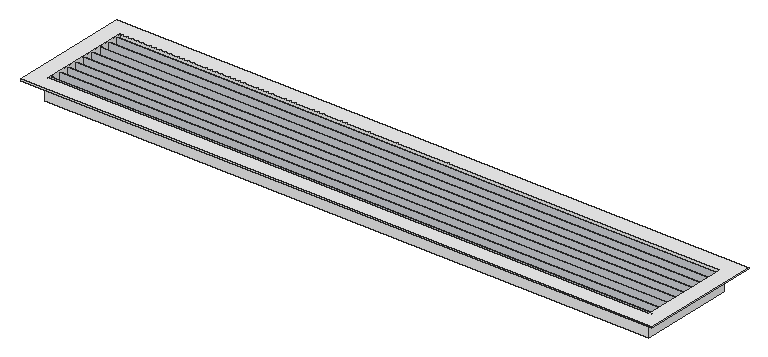
Revit family "DC_Holyoake_MEQ_LD-1200_13", category Air Terminals, host Face, Revit 2014
Parameters (values of type "LD-1200")
  Width LD [instance] = 150.0 mm
  URL = "http://www.holyoake.com"
  Type Comments = "Fineline Diffuser Series LD linear bar grilles"  # constant formula
  Static Pressure Min = 3.00 Pa
  Static Pressure Max = 57.00 Pa
  Noise Level NC Min = "< 10 NC"
  Noise Level NC Max = "38 NC"
  Model = "LD-1200"  # constant formula
  Min Flow = 30 L/s
  Max Flow = 1200 L/s
  Material Face = Holyoake-Aluminium
  Material Body = Holyoake-Aluminium
  Manufacturer = "Holyoake"  # constant formula
  Length LD [instance] = 1000.0 mm
  Holyoake Product Range = "Holyoake Fineline Diffusers"  # constant formula
  Description = "Linear Bar Diffuser shall be Holyoake Model LD-1200. Linear Bar Diffuser shall be 0 degrees deflection, constructed of extruded aluminium construction to the sizes as documented and supplied. Diffusers shall be finished in powdercoat and fitted with accessories and dampers where indicated as manufactured by Holyoake. "  # constant formula
  Default Elevation = 0.0 mm
  Array Number [instance] = ((Width LD - 25.0 mm) / 12.5 mm) - 0.9  # 9
Reference planes
  plane 1 "Center (Front/Back)": y = 0
  plane 2: z = 0
  plane 3 "Center (Left/Right)": x = 0
  plane 4: x = -500
  plane 5: x = 500
  plane 6: y = 75
  plane 7: y = -75
Forms (mm)
  Sweep 1, solid, material "Holyoake-Aluminium" <- "Material Body"
    path origin (0, 0, 0) x (1, 0, 0) y (0, 1, 0)
      loop
        line (-500, 75) -> (-500, -75) -> (500, -75) -> (500, 75) -> (-500, 75)
    profile origin (0, 75, 0) x (0, 1, 0) y (0, 0, 1)
      loop
        line (2, 0) -> (25, 0) -> (25, 2) -> (0, 2) -> (0, -32) -> (2, -32) -> (2, 0)
  Extrusion 2, void
    sketch origin (0, 0, 0) x (1, 0, 0) y (0, 1, 0)
      loop
        line (-500, 75) -> (-500, -75) -> (500, -75) -> (500, 75) -> (-500, 75)
    from 0 to -1000
Cuts and joins
  Extrusion 2 cuts Sweep 1
Lines and regions (mm)
  reference lines
    curve 1: line (-590.798, 68.65, 0) -> (-485.798, 68.65, 0)
    curve 2: line (-590.798, -68.65, 0) -> (-490.798, -68.65, 0)
Dimensions and locks
  equal spacing: plane 6, plane 1 "Center (Front/Back)", plane 7
  "Width LD": plane 6 to plane 7
  "Length LD": plane 4 to plane 5
  equal spacing: plane 4, plane 3 "Center (Left/Right)", plane 5
  locked: plane 6 to curve 1 at 6.35
  locked: curve 2 to plane 7 at 6.35
  equal spacing: group 1, group 3, group 4, group 5, group 6, group 7, group 8, group 9, group 2  (x2)
  equal spacing: group 2, group 9, group 8, group 7, group 6, group 5, group 4, group 3, group 1
  aligned and locked: plane 2 to host face
  aligned and locked: level to host face
  aligned and locked: plane 4 to Sweep 1 sketch curve
  aligned and locked: Sweep 1 sketch curve to plane 6
  aligned and locked: plane 7 to Sweep 1 sketch curve
  aligned and locked: Sweep 1 sketch curve to plane 5
  aligned and locked: plane 4 to nested 1
  aligned and locked: plane 4 to Sweep 1
  aligned and locked: nested 1 to curve 1
  aligned and locked: Sweep 1 to level
  aligned and locked: curve 2 to nested 2
  aligned and locked: plane 4 to nested 2
  aligned and locked: Extrusion 2 sketch curve to Sweep 1  (x3)
  aligned and locked: Sweep 1 to Extrusion 2 sketch curve
Automatic sketch dimensions
  Sweep 1 sketch curve to level = 0.0 mm
  Sweep 1 sketch curve to profile plane = 0.0 mm
  Sweep 1 sketch curve to Sweep 1 sketch curve = 2.0 mm
  Sweep 1 sketch curve to Sweep 1 sketch curve = 23.0 mm
  Sweep 1 sketch curve to Sweep 1 sketch curve = 32.0 mm
  level to Sweep 1 sketch curve = 2.0 mm
  host sketch curve to host sketch curve = 1394.524 mm
  host sketch curve to host sketch curve = 530.678 mm
  curve 2 to plane 4 = 90.798 mm
  curve 1 to curve 2 = 0.0 mm
  plane 4 to curve 2 = 9.202 mm
  plane 4 to curve 1 = 14.202 mm
Nested families
  nested 1: "LD Blade" at (-500, 67.15, 0), Blade Length <- "Length LD", type "LD Blade"
    with Blade Length 1000.0 mm
  nested 2: "LD Blade" at (-500, -68.65, 0), Blade Length <- "Length LD", type "LD Blade"
    with Blade Length 1000.0 mm
  nested 3: "LD Blade" at (-500, 50.175, 0), Blade Length <- "Length LD", type "LD Blade"
    with Blade Length 1000.0 mm
  nested 4: "LD Blade" at (-500, 33.2, 0), Blade Length <- "Length LD", type "LD Blade"
    with Blade Length 1000.0 mm
  nested 5: "LD Blade" at (-500, 16.225, 0), Blade Length <- "Length LD", type "LD Blade"
    with Blade Length 1000.0 mm
  nested 6: "LD Blade" at (-500, -0.75, 0), Blade Length <- "Length LD", type "LD Blade"
    with Blade Length 1000.0 mm
  nested 7: "LD Blade" at (-500, -17.725, 0), Blade Length <- "Length LD", type "LD Blade"
    with Blade Length 1000.0 mm
  nested 8: "LD Blade" at (-500, -34.7, 0), Blade Length <- "Length LD", type "LD Blade"
    with Blade Length 1000.0 mm
  nested 9: "LD Blade" at (-500, -51.675, 0), Blade Length <- "Length LD", type "LD Blade"
    with Blade Length 1000.0 mm
Definition of nested family "LD Blade"
  Parameters (values of type "LD Blade")
    Blade Material = none
    Blade Length [instance] = 600.0 mm
    Assembly Code = ""
  Reference planes
    plane 1 "Center (Front/Back)": y = 0
    plane 2: z = 0
    plane 3 "Center (Left/Right)": x = 0
    plane 4: x = 600
  Forms (mm)
    Extrusion 1, solid
      sketch origin (0, -1.042, 0) x (1, 0, 0) y (0, 1, 0)
        loop
          line (0, 1.042) -> (600, 1.042) -> (600, 2.542) -> (0, 2.542) -> (0, 1.042)
      from 0 to -20
  Dimensions and locks
    Extrusion 1 sketch curve to Extrusion 1 sketch curve = 1.5 mm
    "Blade Length": plane 3 "Center (Left/Right)" to plane 4
    locked: plane 1 "Center (Front/Back)" to Extrusion 1 at 1.5
    aligned and locked: plane 1 "Center (Front/Back)" to Extrusion 1
    aligned and locked: Extrusion 1 to plane 3 "Center (Left/Right)"
    aligned and locked: plane 4 to Extrusion 1
  Automatic sketch dimensions
    Extrusion 1 sketch curve to plane 1 "Center (Front/Back)" = 1.5 mm
    Extrusion 1 sketch curve to plane 3 "Center (Left/Right)" = 0.0 mm
    plane 4 to Extrusion 1 sketch curve = 0.0 mm
